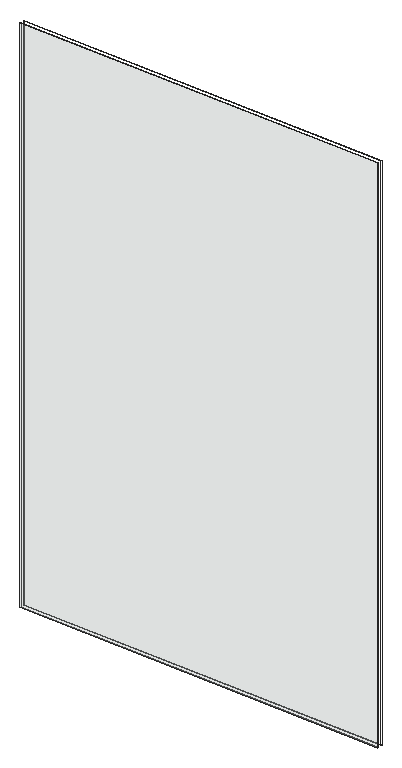
Revit family "Building-Materials_Glass-Glazing_Vitro-Architectural-Glass_SOLARBAN-70", category Curtain Panels, Revit 2026
Family settings
  Classification Number = 23.25.20.14.11.11.17
  Always vertical = Yes
  Cut with Voids When Loaded = No
  Shared = No
Parameters (values of type "Solarban 70 (2) Optiblue + Clear")
  Visual Light Transmittance = if(Glass Code = 1, 0.64, if(Glass Code = 2, 0.74, if(Glass Code = 3, 0.73, if(Glass Code = 4, 0.46, 0))))  # 0.46
  UV Light Transmittance = 0.05
  URL = "https://www.vitroglazings.com/"
  U-Value Argon (Winter Night) = 0.2400 BTU/(h·ft²·°F)
  U-Value Argon (Summer Day) = 0.2100 BTU/(h·ft²·°F)
  U-Value Air (Winter Night) = 0.2800 BTU/(h·ft²·°F)
  U-Value Air (Summer Day) = 0.2600 BTU/(h·ft²·°F)
  Total Thickness = Airspace Thickness + [1st Lite Thickness] + [2nd Lite Thickness]  # 0' - 1"
  Thermal Resistance (R) = 8.3333 (h·ft²·°F)/BTU  # constant formula
  Solar Light Transmittance = 0.18
  Solar Heat Gain Coefficient = if(Glass Code = 1, 0.27, if(Glass Code = 2, 0.41, if(Glass Code = 3, 0.41, if(Glass Code = 4, 0.23, 0))))  # 0.23
  Shadow Coefficient = 0.26
  Reflectance (Visible Interior) = 13
  Reflectance (Visible Exterior) = 9
  Product data url = "https://www.bimobject.com/vitroarchictecturalglass/product/solarban-70-glass"
  Product Page URL = "https://www.vitroglazings.com/products/low-e-glass/solarban-70-glass/"
  Product Guid = "dfc2f051-5b96-41bd-8c2b-b587a329549d"
  Model = "Solarban 70 (2) Optiblue + Clear"
  Manufacturer = "Vitro Architectural Glass "  # constant formula
  Light to Solar Gain = 2
  Keynote = "08900"  # constant formula
  Interior Glass Material = Vitro Architectural-Glass - Clear
  ISO Damage Weighted Transmittance = 0.337
  Heat Transfer Coefficient (U) = 0.2900 BTU/(h·ft²·°F)  # constant formula
  Glass Code = 4
  Finish = "Glass"  # constant formula
  Exterior Glass Material = Vitro Architectural-Glass - Solarban 70 (2) Optiblue
  Description = "With its transparent, color-neutral aesthetic and unprecedented solar control and visible light transmittance (VLT) characteristics, Solarban® 70 glass can help you strike the right balance between form and function. Due to its clarity, consistency and solar control performance, Solarban® 70 glass has become the most commonly specified triple-silver-coated glass in the industry, with more than 300 million square-feet shipped in the past 10 years."  # constant formula
  Define Thermal Properties by = Schematic Type
  Assembly Code = "B2020220"
  Analytic Construction = "Low-E double glazing (1/4 in + 1/4 in)"
  Airspace Thickness = 0' - 0 1/2"  # constant formula
  2nd Lite Thickness = 0' - 0 1/4"  # constant formula
  1st Lite Thickness = 0' - 0 1/4"  # constant formula
Types (2): name | Visual Light Transmittance | UV Light Transmittance | Solar Light Transmittance | Solar Heat Gain Coefficient | Shadow Coefficient | Reflectance (Visible Interior) | Reflectance (Visible Exterior) | Model | Light to Solar Gain | ISO Damage Weighted Transmittance | Glass Code | Exterior Glass Material
  Solarban 70 (2) Clear + Clear | 0.64 | 0.06 | 0.24 | 0.27 | 0.32 | 14 | 13 | "Solarban 70 (2) Clear + Clear" | 2.37 | 0.431 | 1 | Vitro Architectural-Glass - Solarban 70 (2) Clear
  Solarban 70 (2) Optiblue + Clear | 0.46 | 0.05 | 0.18 | 0.23 | 0.26 | 13 | 9 | "Solarban 70 (2) Optiblue + Clear" | 2 | 0.337 | 4 | Vitro Architectural-Glass - Solarban 70 (2) Optiblue
Reference planes (in)
  plane 1 "Front": y = 0
  plane 2: z = 0
  plane 3 "Center (Left/Right)": x = 0
  plane 4 "Left": x = -32.75106
  plane 5 "Right": x = 32.75106
  plane 6 "Top": z = 96
  plane 7: y = 0.25
  plane 8: y = -0.25
Forms (in)
  Extrusion 1, solid, material "Vitro Architectural-Glass - Clear" <- "Interior Glass Material"
    sketch origin (0, 0.5, 0) x (1, 0, 0) y (0, 1, 0)
      loop
        line (-32.75106, 0) -> (-32.75106, -0.25) -> (32.75106, -0.25) -> (32.75106, 0) -> (-32.75106, 0)
    from 0 to 96
  Extrusion 2, solid, material "Vitro Architectural-Glass - Solarban 70 (2) Optiblue" <- "Exterior Glass Material"
    sketch origin (0, -0.5, 0) x (1, 0, 0) y (0, 1, 0)
      loop
        line (-32.75106, 0.25) -> (-32.75106, 0) -> (32.75106, 0) -> (32.75106, 0.25) -> (-32.75106, 0.25)
    from 0 to 96
Text (in)
  text "Exterior" at (-54.29358, 31.38743, 0), in view "Ref. Level"
  text "Exterior" at (480, 41.53993, 89.60405), in view "Right"
  text "Exterior" at (-240, 57.82419, 105.78864), in view "Left"
Dimensions and locks (in)
  equal spacing: plane 4 "Left", plane 3 "Center (Left/Right)", plane 5 "Right"
  "2nd Lite Thickness": Extrusion 2 sketch curve to Extrusion 2 sketch curve
  equal spacing: plane 7, plane 1 "Front", plane 8
  "Airspace Thickness": plane 7 to plane 8
  "1st Lite Thickness": Extrusion 1 sketch curve to plane 7
  "Total Thickness": Extrusion 2 to Extrusion 1
  aligned and locked: level to plane 2
  aligned and locked: Extrusion 1 sketch curve to plane 4 "Left"
  aligned and locked: plane 5 "Right" to Extrusion 1 sketch curve
  aligned and locked: plane 5 "Right" to Extrusion 2 sketch curve
  aligned and locked: Extrusion 2 sketch curve to plane 4 "Left"
  aligned and locked: Extrusion 1 to plane 6 "Top"
  aligned and locked: Extrusion 1 to level
  aligned and locked: Extrusion 2 to plane 6 "Top"
  aligned and locked: Extrusion 2 to level
  aligned and locked: plane 8 to Extrusion 2
  aligned and locked: plane 7 to Extrusion 1 sketch curve
  aligned and locked: Extrusion 2 sketch curve to plane 8
